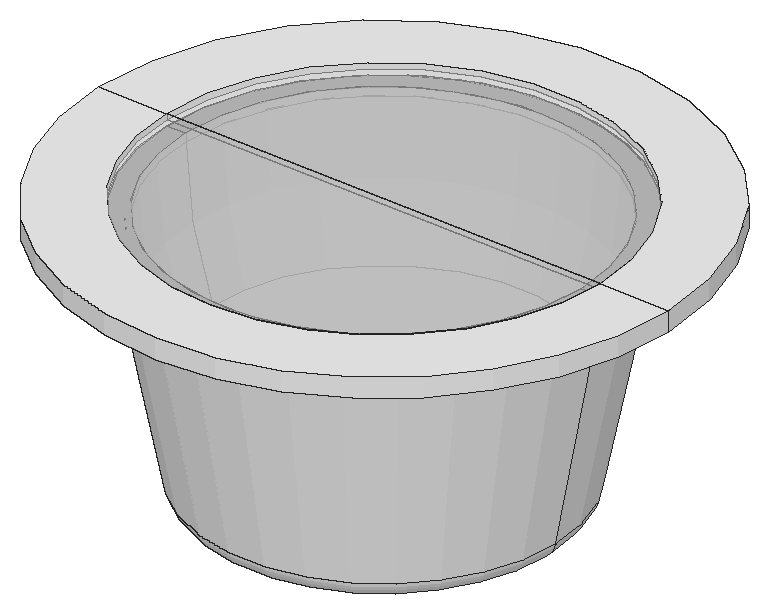
Revit family "2060543+2039013 Sylvania Lighting Fixture ASCENT 100 II ARCH 1000 3K DALI EMG 160 with IP54 PC Cover", category Lighting Fixtures, host Face, Revit 2016
Family settings
  Host = Face
  Part Type = Normal
  Round Connector Dimension = Use Diameter
  OmniClass Number = 23.80.70.11.17
  OmniClass Title = Specialized Lighting by Location or Use
  Cut with Voids When Loaded = No
  Light Source = Yes
  Shared = No
  Room Calculation Point = No
Parameters (values of type "2060543+2039013 ASCT100 II ARCH 1000 3K DALI EMG 160 with IP54 PC Cover")
  WidthBezelAcc_SYL = 25.0 mm
  Weight = "1.92 kg"
  Wattage = 9 W
  WarrantyStartDate [instance] = "n/a"
  WarrantyGuarantorParts = "n/a"
  WarrantyDurationUnit = "n/a"
  WarrantyDurationParts = "n/a"
  WarrantyDescription = "n/a"
  built-in parameter 1150110 = 1 (stored number, unit not read)
  Voltage = 0 V
  VisibilityAccessory_SYL = yes
  TypeName = "ASCENT 100 II ARCH 1000 3K DALI EMG 160 with IP54 PC Cover"
  built-in parameter 1114217 = 1 (stored number, unit not read)
  Tilt Angle = -90°
  built-in parameter 1150109 = 1 (stored number, unit not read)
  built-in parameter 1150134 = (empty or 0)
  built-in parameter 1150113 = 1 (stored number, unit not read)
  SerialNumber [instance] = "n/a"
  ReflectorRadius_SYL = Radius_SYL - 14.5 mm  # 80.0 mm
  RadiusAcc_SYL = 105.0 mm
  Radius_SYL = 94.5 mm
  URL = "http://www.sylvania-lighting.com"
  PowerFactor = 0
  PowerConsumption = "9 W"
  Photometric Web File = "2060543.ies"
  NominalWidth = 0.0 mm
  NominalLength = 0.0 mm
  NominalHeight = 94.0 mm
  Name = "ASCENT 100 II ARCH 1000 3K DALI EMG 160 with IP54 PC Cover"
  ModelReference = "ASCENT 100 II ARCH 1000 3K DALI EMG 160 with IP54 PC Cover"
  ModelNumber = "2060543+2039013"
  Material_4_SYL = none
  Material_3_SYL = Polycarbonate_Sylvania_Ascent_Clear
  Material_2_SYL = Aluminium_Sylvania_Ascent_Silver
  Material_1_SYL = Aluminum_Sylvania_Ascent_White
  Material = "aluminium housing, arcylic diffuser"
  ManufacturerName = "Feilo Sylvania"
  LuminousEfficacy = "108 lm/W"
  built-in parameter 1150105 = 77.349 (stored number, unit not read)
  Lumens = 972 lm
  LuminaireType = ""
  built-in parameter 1150115 = 1 (stored number, unit not read)
  LightOutputRatio = "100"
  built-in parameter 1150137 = (empty or 0)
  built-in parameter 1150139 = (empty or 0)
  LampsType = Lamp  # "LED"
  LampNominalLuminous = "968 lm"
  LampMacAdamStep = "3"
  LampColourTemperature = "3000 K"
  LampColourRenderingIndex = "80"
  built-in parameter 1150112 = 1 (stored number, unit not read)
  built-in parameter 1150114 = 1 (stored number, unit not read)
  Keynote = "16500"
  InstallationDate [instance] = "n/a"
  InputVoltage = "n/a"
  InputNominalFrequency = "n/a"
  built-in parameter 1150132 = (empty or 0)
  built-in parameter 1150102 = (empty or 0)
  built-in parameter 1150107 = 3000 (stored number, unit not read)
  built-in parameter 1150138 = (empty or 0)
  IngressProtection = "IP54"
  ImpactProtectionIndex = "IK02"
  built-in parameter 1150106 = 0.77349 (stored number, unit not read)
  IfcExportType = "IfcLightFixtureType"
  IfcExportAs = "IfcLightFixtureType"
  Height_SYL = 94.0 mm
  HeightAcc_SYL = 7.0 mm
  ExpectedLife = 50000
  EmittionSurface_SYL = if(VisibilityAccessory_SYL, 7.0 mm, 3.0 mm)  # 7.0 mm
  Emit from Circle Diameter = DiffuserRadius_SYL * 2  # 146.0 mm
  Emit Shape Visible in Rendering = no
  ElectricShockClassification = "Class II"
  built-in parameter 1150104 = 10.034 (stored number, unit not read)
  DurationUnit = "hours"
  DocumentationLiterature = "http://www.sylvania-lighting.com/product/en-int/products/2060543"
  DimmingControlOptions = "n/a"
  Dimming Lamp Color Temperature Shift = <None>
  DiffuserRadius_SYL = ReflectorRadius_SYL - 7.0 mm  # 73.0 mm
  Diameter_SYL = 2 * Radius_SYL  # 189.0 mm
  CutoutDiameter_SYL = Diameter_SYL - 13.0 mm  # 176.0 mm
  CreatedOn = "9/17/2018"
  CreatedBy = "@sylvania-lighting.com"
  Color Filter = 16777215
  built-in parameter 1114216 [instance] = 1 (stored number, unit not read)
  Model = "ASCENT 100 II ARCH 1000 3K DALI EMG 160 with IP54 PC Cover"
  Manufacturer = "Feilo Sylvania"
  Lamp = "LED"
  Description = "Direct LED retro fit for original LED 100 Arch (160) single CFL lamp offering Matching lumen levels and improved light distribution of original LED 100 CFL lamp equivalents Typically half the power consumption compared to CFL Up to 112lm/W 160mm aperture Architectural reflector accepts range of glass accessories from existing LED 100 Arch 160 offering HE, HO and VHO versions equivalent of single 1 x 18W, 1 x 32W, 1 x 42W\r\n Additional VVHO versions which offer the performance circa 2 x 32W equivalent"  # constant formula
  Default Elevation = 0.0 mm
  built-in parameter 1140040 [instance] = 1
  BarCode [instance] = "n/a"
  built-in parameter 1114218 = 1 (stored number, unit not read)
  built-in parameter 1150133 = 10 (stored number, unit not read)
  AssetType = "Fixed"
  AssetIdentifier [instance] = "n/a"
  Assembly Code = "D5020200"
  Apparent Load = 9 VA
  Aperture_SYL = 2 * ReflectorRadius_SYL  # 160.0 mm
Types (2, lengths in mm): name | Wattage | TypeName | Photometric Web File | Name | ModelReference | built-in parameter 1150105 | Lumens | built-in parameter 1150106 | Model | Apparent Load
  2060543+2039013 ASCT100 II ARCH 1000 3K DALI EMG 160 with IP54 PC Cover | 9 W | "ASCENT 100 II ARCH 1000 3K DALI EMG 160 with IP54 PC Cover" | "2060543.ies" | "ASCENT 100 II ARCH 1000 3K DALI EMG 160 with IP54 PC Cover" | "ASCENT 100 II ARCH 1000 3K DALI EMG 160 with IP54 PC Cover" | 77.349 (stored number, unit not read) | 972 lm | 0.77349 (stored number, unit not read) | "ASCENT 100 II ARCH 1000 3K DALI EMG 160 with IP54 PC Cover" | 9 VA
  2060543+2039013 ASCT100 II ARCH 1000 3K DALI EMG 160 with IP54 PC Cover Emergency mode | 1.65741 W | "ASCT100 II ARCH 1000 3K DALI EMG 160 with IP54 PC Cover Emergency mode" | "2060543EM.ies" | "ASCT100 II ARCH 1000 3K DALI EMG 160 with IP54 PC Cover Emergency mode" | "ASCT100 II ARCH 1000 3K DALI EMG 160 with IP54 PC Cover Emergency mode" | 14.244 (stored number, unit not read) | 179 lm | 0.14244 (stored number, unit not read) | "ASCT100 II ARCH 1000 3K DALI EMG 160 with IP54 PC Cover Emergency mode" | 1.65741 VA
Reference planes
  plane 1 "Center (Front/Back)": y = 0
  plane 2: z = 0
  plane 3 "Center (Left/Right)": x = 0
  plane 4 "Fixture Bottom": z = 3
  plane 5: z = -52.5
  plane 6 "Fixture Top": z = -91
  plane 7: x = -105
  plane 8: z = 7
  plane 9: x = -80
  plane 10: z = 5
  plane 11: x = -103
Forms (mm)
  Extrusion 1, solid, material "Aluminum_Sylvania_Ascent_White", detail levels fine
    sketch origin (0, 0, 0) x (1, 0, 0) y (0, 1, 0)
      loop
        circle (0, 0) r 94.5
      loop
        circle (0, 0) r 80
    from 0 to 3
  Extrusion 2, void
    sketch origin (0, 0, 0) x (1, 0, 0) y (0, 1, 0)
      loop
        circle (0, 0) r 88
    from -91 to 3
  Revolve 3, solid, material "Aluminum_Sylvania_Ascent_White" <- "Material_1_SYL", detail levels fine
    sketch origin (0, 0, 0) x (1, 0, 0) y (0, 0, 1)
      loop
        line (0, -91.073) -> (0, -89.023) -> (-55.468, -89.014)
        arc (-55.468, -89.014) -> (-59.352, -87.613) -> (-61.54, -84.139) r 6.307
        line (-61.54, -84.139) -> (-77.991, -2.844) -> (-77.991, 0) -> (-80, 0) -> (-80, -3) -> (-63.5, -84.536)
        arc (-63.5, -84.536) -> (-60.643, -89.203) -> (-55.5, -91.073) r 8.291
        line (-55.5, -91.073) -> (0, -91.073)
      axis (0, 0) -> (0, -91.073)
    angle from 0 to 360
  Revolve 4, solid, material "Aluminium_Sylvania_Ascent_Silver" <- "Material_2_SYL", detail levels fine
    sketch origin (0, 0, 0) x (1, 0, 0) y (0, 0, 1)
      loop
        line (-80, 3) -> (-80, 0) -> (-75, 0)
        arc (-75, 0) -> (-72.349, -26.77) -> (-64.5, -52.5) r 136.5
        line (-64.5, -52.5) -> (-58, -52.5)
        arc (-58, -52.5) -> (-56.857, -61.521) -> (-53.5, -69.971) r 36.166
        line (-53.5, -69.971) -> (0, -69.971) -> (0, -50.5) -> (-63.16, -50.5)
        arc (-63.16, -50.5) -> (-70.517, -25.725) -> (-73, 0) r 134.5
        line (-73, 0) -> (-73, 3) -> (-80, 3)
      axis (0, 3) -> (0, -69.971)
    angle from 0 to 360
  Extrusion 5, solid, material "Polycarbonate_Sylvania_Ascent_Clear" <- "Material_3_SYL", detail levels fine
    sketch origin (0, 0, 0) x (1, 0, 0) y (0, 1, 0)
      loop
        circle (0, 0) r 73
    from 0 to 3
  Revolve 6, solid, material "Aluminum_Sylvania_Ascent_White" <- "Material_1_SYL", detail levels coarse+medium
    sketch origin (0, 0, 0) x (1, 0, 0) y (0, 0, 1)
      loop
        line (0, -91.073) -> (0, 3) -> (-94.5, 3) -> (-94.5, 0) -> (-79.5, 0) -> (-79.5, -3) -> (-63, -84.536)
        arc (-63, -84.536) -> (-60.143, -89.203) -> (-55, -91.073) r 8.291
        line (-55, -91.073) -> (0, -91.073)
      axis (0, 3) -> (0, -91.073)
    angle from 0 to 360
  Revolve 7, solid, material "Aluminum_Sylvania_Ascent_White" <- "Material_1_SYL", visible <- "VisibilityAccessory_SYL"
    sketch origin (0, 0, 0) x (1, 0, 0) y (0, 0, 1)
      loop
        line (-105, 0) -> (-103, 0) -> (-103, 5) -> (-80, 5) -> (-80, 7) -> (-105, 7) -> (-105, 0)
      axis (0, 7) -> (0, 0)
    angle from 0 to 360
  Revolve 8, solid, material "Polycarbonate_Sylvania_Ascent_Clear" <- "Material_3_SYL", visible <- "VisibilityAccessory_SYL"
    sketch origin (0, 0, 0) x (1, 0, 0) y (0, 0, 1)
      loop
        line (-80, 7) -> (-80, 5) -> (0, 5) -> (0, 7) -> (-80, 7)
      axis (0, 7) -> (0, 5)
    angle from 0 to 360
Lines and regions (mm)
  reference lines
    curve 1: line (-150, 0, 7) -> (125, 0, 7)
Dimensions and locks
  locked: plane 4 "Fixture Bottom" to plane 2 at 3
  "Height_SYL": plane 4 "Fixture Bottom" to plane 6 "Fixture Top"
  "ReflectorRadius_SYL": plane 3 "Center (Left/Right)" to Revolve 4 sketch curve
  locked: Revolve 4 sketch curve to Revolve 4 sketch curve at 15.5
  locked: Revolve 4 sketch curve to Revolve 4 sketch curve at 5
  locked: Revolve 4 sketch curve to Revolve 4 sketch curve at 7
  locked: Revolve 4 sketch curve to Revolve 4 sketch curve at 22
  locked: Revolve 4 sketch curve to Revolve 4 sketch curve at 26.5
  locked: Revolve 3 sketch curve to Revolve 3 sketch curve at 16.5
  locked: Revolve 3 sketch curve to Revolve 3 sketch curve at 24.5
  "ReflectorRadius_SYL": Revolve 3 sketch curve to plane 3 "Center (Left/Right)"
  locked: Revolve 3 sketch curve to plane 6 "Fixture Top" at 6.464
  locked: plane 2 to Revolve 3 sketch curve at 3
  locked: Revolve 3 sketch curve to Revolve 3 sketch curve at 2
  locked: Revolve 3 sketch curve to Revolve 3 sketch curve at 2.009
  locked: plane 2 to plane 5 at 52.5
  locked: Revolve 6 sketch curve to Revolve 6 sketch curve at 31.5
  locked: Revolve 6 sketch curve to Revolve 6 sketch curve at 39.5
  locked: Revolve 6 sketch curve to Revolve 6 sketch curve at 15
  "Radius_SYL": plane 3 "Center (Left/Right)" to Revolve 6 sketch curve
  "RadiusAcc_SYL": plane 3 "Center (Left/Right)" to plane 7
  "HeightAcc_SYL": plane 8 to level
  "WidthBezelAcc_SYL": plane 7 to plane 9
  locked: plane 7 to plane 11 at 2
  locked: plane 8 to plane 10 at 2
  "EmittionSurface_SYL": curve 1 to level
  "CutoutDiameter_SYL": diameter of Extrusion 2 sketch curve
  "ReflectorRadius_SYL": radius of Extrusion 1 sketch curve
  "DiffuserRadius_SYL": radius of Extrusion 5 sketch curve
  "Radius_SYL": radius of Extrusion 1 sketch curve
  aligned and locked: host face to plane 2
  aligned and locked: host face to level
  aligned and locked: plane 4 "Fixture Bottom" to Extrusion 1
  aligned and locked: Extrusion 1 to plane 2
  aligned and locked: Revolve 3 sketch curve to plane 3 "Center (Left/Right)"
  aligned and locked: Revolve 4 sketch curve to plane 3 "Center (Left/Right)"  (x2)
  aligned and locked: plane 4 "Fixture Bottom" to Revolve 4 sketch curve
  aligned and locked: Extrusion 5 to plane 2
  aligned and locked: plane 2 to Revolve 3 sketch curve  (x2)
  aligned and locked: Revolve 6 sketch curve to plane 3 "Center (Left/Right)"
  aligned and locked: plane 6 "Fixture Top" to Extrusion 2
  aligned and locked: Revolve 7 sketch curve to plane 3 "Center (Left/Right)"
  aligned and locked: host face to Revolve 7 sketch curve  (x2)
  aligned and locked: Revolve 7 sketch curve to plane 7
  aligned and locked: plane 8 to Revolve 7 sketch curve
  aligned and locked: plane 9 to Revolve 7 sketch curve
  aligned and locked: Revolve 7 sketch curve to plane 10
  aligned and locked: plane 11 to Revolve 7 sketch curve
  aligned and locked: Revolve 7 to Revolve 8 sketch curve
  aligned and locked: Revolve 8 sketch curve to Revolve 7  (x2)
  aligned and locked: Revolve 8 sketch curve to plane 3 "Center (Left/Right)"  (x2)
  aligned and locked: plane 3 "Center (Left/Right)" to imposter light
  aligned and locked: imposter light to plane 1 "Center (Front/Back)"
  aligned and locked: imposter light to curve 1
Automatic sketch dimensions
  plane 1 "Center (Front/Back)" to Extrusion 2 sketch curve = 0.0 mm
  Extrusion 2 sketch curve to plane 3 "Center (Left/Right)" = 0.0 mm
  Extrusion 1 sketch curve to Extrusion 1 sketch curve = 0.0 mm  (x2)
  plane 1 "Center (Front/Back)" to Extrusion 1 sketch curve = 0.0 mm
  Extrusion 1 sketch curve to plane 3 "Center (Left/Right)" = 0.0 mm
  plane 6 "Fixture Top" to Revolve 3 sketch curve = 0.073 mm
  Revolve 3 sketch curve to plane 6 "Fixture Top" = 6.861 mm
  Revolve 3 sketch curve to Revolve 3 sketch curve = 0.003 mm
  Revolve 3 sketch curve to Revolve 3 sketch curve = 0.009 mm  (x2)
  Revolve 3 sketch curve to Revolve 3 sketch curve = 0.023 mm
  Revolve 3 sketch curve to Revolve 3 sketch curve = 0.072 mm
  Revolve 3 sketch curve to Revolve 3 sketch curve = 0.008 mm
  Revolve 3 sketch curve to plane 6 "Fixture Top" = 1.977 mm
  Revolve 3 sketch curve to Revolve 3 sketch curve = 33.496 mm
  Revolve 3 sketch curve to Revolve 3 sketch curve = 0.028 mm
  plane 4 "Fixture Bottom" to Revolve 3 sketch curve = 82.431 mm
  Revolve 4 sketch curve to Revolve 4 sketch curve = 0.0 mm  (x2)
  Revolve 4 sketch curve to plane 5 = 0.0 mm
  Revolve 4 sketch curve to level = 0.0 mm
  plane 5 to Revolve 4 sketch curve = 2.0 mm
  plane 4 "Fixture Bottom" to Revolve 4 sketch curve = 9.642 mm
  plane 1 "Center (Front/Back)" to Extrusion 5 sketch curve = 0.0 mm
  Extrusion 5 sketch curve to plane 3 "Center (Left/Right)" = 0.0 mm
  Revolve 4 sketch curve to level = 69.971 mm
  Revolve 4 sketch curve to Revolve 4 sketch curve = 2.387 mm
  Revolve 6 sketch curve to level = 0.0 mm
  Revolve 6 sketch curve to plane 3 "Center (Left/Right)" = 0.0 mm
  Revolve 6 sketch curve to Revolve 6 sketch curve = 8.104 mm
  Revolve 6 sketch curve to level = 3.0 mm
  Revolve 6 sketch curve to plane 6 "Fixture Top" = 6.464 mm
  plane 6 "Fixture Top" to Revolve 6 sketch curve = 0.073 mm
  Revolve 6 sketch curve to Revolve 6 sketch curve = 33.496 mm
  plane 4 "Fixture Bottom" to Revolve 6 sketch curve = 82.431 mm
  host sketch curve to host sketch curve = 1704.996 mm
  host sketch curve to host sketch curve = 1500.0 mm
  plane 6 "Fixture Top" to Revolve 7 sketch curve = 281.274 mm
  Revolve 7 sketch curve to plane 8 = 1140.706 mm
  plane 6 "Fixture Top" to Revolve 8 sketch curve = 281.274 mm
  Revolve 8 sketch curve to Revolve 8 sketch curve = 1140.706 mm
  Revolve 3 sketch curve to plane 3 "Center (Left/Right)" = 0.0 mm
  Revolve 6 sketch curve to plane 4 "Fixture Bottom" = 0.0 mm
  plane 7 to curve 1 = 45.0 mm
  plane 3 "Center (Left/Right)" to curve 1 = 125.0 mm
Connectors
  electrical at (0, 0, -91.073), driven by "Apparent Load"
    settings: on Revolve 3, index 1, voltage 240 V, apparent load 0 VA, apparent load phase1 9 VA, apparent load phase2 0 VA, apparent load phase3 0 VA, power factor 1, load classification "Lighting", number of poles 1, system type 31, power factor state 1, is connector primary yes, connector utility no, sub classification motor no, connector description ""
